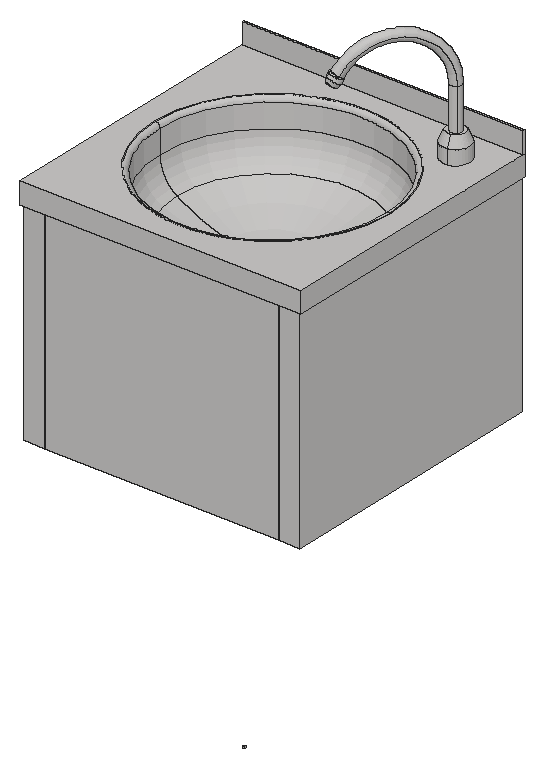
Revit family "QF_ZANUSSI_132952_NHWSW40", category Attrezzature speciali, Revit 2020
Family settings
  Quota connettore circolare = Usa diametro
  Tipo di parte = Normale
  Basato su piano di lavoro = No
  Sempre verticale = Sì
  Taglio con vuoti quando caricato = No
  Condiviso = No
  Punto di calcolo locali = No
Parameters (values of type "Standard")
  Weight = 12.00 kg
  Watts = 0 W
  Volts = 0 V
  URL Manufacturer = "http://www.zanussiprofessional.com"
  URL = "http://www.zanussiprofessional.com"
  Steam Supply Size = 0 mm
  Steam Supply Minimum Pressure = 0.0 Pa
  Steam Supply Maximum Pressure = 0.0 Pa
  Steam Consumption per Hour = 0
  Refrigeration Suction Line Size = 0.0 mm
  Refrigeration Liquid Line Size = 0.0 mm
  Refrigerant Compressor Remote = yes
  Prospetto di default = 0.0 mm
  Phase = 0
  Modello = "NHWSW40"
  Produttore = "Zanussi"
  Length Actual = 400.0 mm  # constant formula
  Item Number = "132952"
  Hot Water Size = 12.7 mm
  Height Actual = 332.0 mm  # constant formula
  HP = "0 HP"
  Gas Size = 0 mm
  Gas KW = 0
  Gas Input Pressure = 0 W
  Direct Waste Size = 139.7 mm
  Descrizione = "WALL MOUNTED HAND WASH BASIN, KNEE-OPERATED, WITH 1 BOWL, MIXER SPOUT AND DRAIN HOLE"
  Depth Actual = 400.0 mm  # constant formula
  Cycle = 0 Hz
  Condensate Return Size = 0 mm
  Compressed Air Volume = 0.0 L/s
  Compressed Air Size = 0 mm
  Compressed Air Pressure = 0.0 Pa
  Cold Water Size = 12.7 mm
  Accessory = yes
Reference planes
  plane 1 "Center (Front/Back)": y = 0
  plane 2: z = 0
  plane 3 "BACK": y = 200
  plane 4 "FRONT": y = -200
  plane 5 "TOP": z = 900
  plane 6: x = -956.5
  plane 7 "BaseTop": z = 870
  plane 8: x = -556.5
  plane 9 "Center (Left/Right)": x = -756.5
  plane 10 "Drain Z": z = 660
  plane 11: z = 930
  plane 12 "FondoLavello": z = 777.601
  plane 13: y = 145.319
  plane 14: x = -611.483
  plane 15 "DrainX": x = -833.5
  plane 16: z = 568
Forms (mm)
  Extrusion 1, solid, material "QF_Finishes_Stainless Steel"
    sketch origin (0, 0, 870) x (-1, 0, 0) y (0, -1, 0)
      loop
        line (956.5, -200) -> (956.5, 200) -> (556.5, 200) -> (556.5, -200) -> (956.5, -200)
      loop
        circle (611.483, -145.319) r 9.014
      loop
        circle (756.5, 0) r 168
    from 0 to 30
  Extrusion 2, solid, material "QF_Finishes_Stainless Steel"
    sketch origin (0, 0, 0) x (1, 0, 0) y (0, 1, 0)
      loop
        line (-923.5, 170) -> (-589.5, 170) -> (-589.5, -197) -> (-559.5, -197) -> (-559.5, 200) -> (-953.5, 200) -> (-953.5, -197) -> (-923.5, -197) -> (-923.5, 170)
    from 568 to 870
  Extrusion 3, solid, material "QF_Finishes_Stainless Steel"
    sketch origin (-756.5, 0, 0) x (0, 0, -1) y (0, -1, 0)
      loop
        line (-568, 197) -> (-870, 197) -> (-870, 172) -> (-568, 172) -> (-568, 197)
    from -167 to 167
  Revolve 4, solid, material "QF_Finishes_Stainless Steel"
    sketch origin (0, 0, 0) x (1, 0, 0) y (0, 0, 1)
      loop
        arc (-917.53, 893) -> (-919.572, 897.928) -> (-924.5, 899.97) r 6.97
        line (-924.5, 899.97) -> (-924.5, 895) -> (-922.501, 895) -> (-922.501, 859.414)
        arc (-922.501, 859.414) -> (-915.312, 831.717) -> (-895.561, 811.013) r 56.948
        arc (-895.561, 811.013) -> (-840.753, 785.213) -> (-781.505, 772.59) r 263.902
        line (-781.505, 772.59) -> (-781.505, 777.601)
        arc (-781.505, 777.601) -> (-839.395, 790.016) -> (-892.95, 815.258) r 258.912
        arc (-892.95, 815.258) -> (-910.971, 834.149) -> (-917.53, 859.421) r 51.963
        line (-917.53, 859.421) -> (-917.53, 893)
      axis (-756.5, 772.59) -> (-756.5, 899.97)
    angle from 0 to 360
  Extrusion 5, solid, material "QF_Finishes_Stainless Steel"
    sketch origin (0, 0, 777.601) x (-1, 0, 0) y (0, -1, 0)
      loop
        circle (756.5, 0) r 25.005
      loop
        circle (756.5, 0) r 5
      loop
        line (753.407, -8.499) -> (749.22, -20.001)
        arc (749.22, -20.001) -> (756.5, -21.285) -> (763.78, -20.001) r 21.285
        line (763.78, -20.001) -> (759.593, -8.499)
        arc (759.593, -8.499) -> (756.5, -9.045) -> (753.407, -8.499) r 9.045
      loop
        arc (753.407, 8.499) -> (756.5, 9.045) -> (759.593, 8.499) r 9.045
        line (759.593, 8.499) -> (763.78, 20.001)
        arc (763.78, 20.001) -> (756.5, 21.285) -> (749.22, 20.001) r 21.285
        line (749.22, 20.001) -> (753.407, 8.499)
      loop
        line (762.314, -6.929) -> (770.181, -16.305)
        arc (770.181, -16.305) -> (774.933, -10.642) -> (777.461, -3.696) r 21.285
        line (777.461, -3.696) -> (765.407, -1.571)
        arc (765.407, -1.571) -> (764.333, -4.522) -> (762.314, -6.929) r 9.045
      loop
        arc (747.593, 1.571) -> (748.667, 4.522) -> (750.686, 6.929) r 9.045
        line (750.686, 6.929) -> (742.819, 16.305)
        arc (742.819, 16.305) -> (738.067, 10.642) -> (735.539, 3.696) r 21.285
        line (735.539, 3.696) -> (747.593, 1.571)
      loop
        line (765.407, 1.571) -> (777.461, 3.696)
        arc (777.461, 3.696) -> (774.933, 10.642) -> (770.181, 16.305) r 21.285
        line (770.181, 16.305) -> (762.314, 6.929)
        arc (762.314, 6.929) -> (764.333, 4.522) -> (765.407, 1.571) r 9.045
      loop
        arc (750.686, -6.929) -> (748.667, -4.522) -> (747.593, -1.571) r 9.045
        line (747.593, -1.571) -> (735.539, -3.696)
        arc (735.539, -3.696) -> (738.067, -10.642) -> (742.819, -16.305) r 21.285
        line (742.819, -16.305) -> (750.686, -6.929)
    from -5.011 to 0
  Extrusion 6, solid, material "QF_Finishes_Stainless Steel"
    sketch origin (0, 0, 870) x (-1, 0, 0) y (0, -1, 0)
      loop
        circle (620.497, -145.319) r 5
      loop
        circle (602.468, -145.319) r 5
    from 0 to 30
  Extrusion 7, void
    sketch origin (0, 200, 0) x (-1, 0, 0) y (0, 0, 1)
      loop
        circle (833.5, 660) r 22
    from -30 to 0
  Extrusion 8, solid, material "QF_Finishes_Stainless Steel"
    sketch origin (0, 200, 0) x (-1, 0, 0) y (0, 0, 1)
      loop
        circle (833.5, 660) r 20
      loop
        circle (833.5, 660) r 18
    from -30 to 0
  Extrusion 9, solid, material "QF_Finishes_Stainless Steel"
    sketch origin (-756.5, 0, 0) x (0, 0, -1) y (0, -1, 0)
      loop
        line (-930, -200) -> (-900, -200) -> (-900, -197) -> (-930, -197) -> (-930, -200)
    from -200 to 200
  Sweep 10, solid, material "QF_Finishes_Stainless Steel"
    path origin (0, 0, 0) x (1, 0, 0) y (0, 0, 1)
      loop
        line (-756.5, 772.59) -> (-756.5, 602.59)
        arc (-756.5, 602.59) -> (-795, 564.09) -> (-833.5, 602.59) r 38.5
        line (-833.5, 602.59) -> (-833.5, 608.822)
    profile origin (-756.5, 0, 687.59) x (0, -1, 0) y (1, 0, 0)
      loop
        circle (0, 0) r 20
  Sweep 11, solid, material "QF_Finishes_Stainless Steel"
    path origin (-756.5, 0, 0) x (0, 0, -1) y (0, -1, 0)
      loop
        line (-660, -170) -> (-660, -40)
        arc (-660, -40) -> (-648.284, -11.716) -> (-620, 0) r 40
        line (-620, 0) -> (-608.822, 0)
    profile origin (-756.5, 105, 660) x (0, 0, 1) y (-1, 0, 0)
      loop
        circle (0, 77) r 20
  Extrusion 12, solid, material "QF_Finishes_Stainless Steel"
    sketch origin (0, 0, 0) x (1, 0, 0) y (0, 1, 0)
      loop
        line (-956.5, 200) -> (-956.5, 198) -> (-954.5, 198) -> (-954.5, 200) -> (-956.5, 200)
    from 0 to 2
Cuts and joins
  Extrusion 7 cuts Extrusion 2
Lines and regions (mm)
  symbolic lines, style "SpecialityEquipment"
    curve 1: line (-956.5, 200, 870) -> (-556.5, 200, 870)
    curve 2: line (-956.5, -200, 870) -> (-956.5, 200, 870)
    curve 3: line (-556.5, -200, 870) -> (-956.5, -200, 870)
    curve 4: line (-556.5, 200, 870) -> (-556.5, -200, 870)
  symbolic lines
    curve 5: arc (-626.646, 106.592, 870) -> (-880.827, -112.99, 870) -> (-638.014, 119.101, 870) r 168
    curve 6: circle (-756.5, 0, 870) r 25.005 normal (0, 0, 1)
    curve 7: circle (-756.5, 0, 870) r 5 normal (0, 0, 1)
    curve 8: arc (-753.407, 8.499, 870) -> (-756.5, 9.045, 870) -> (-759.593, 8.499, 870) r 9.045
    curve 9: line (-749.22, 20.001, 870) -> (-753.407, 8.499, 870)
    curve 10: line (-759.593, 8.499, 870) -> (-763.78, 20.001, 870)
    curve 11: arc (-763.78, 20.001, 870) -> (-756.5, 21.285, 870) -> (-749.22, 20.001, 870) r 21.285
    curve 12: line (-770.181, 16.305, 870) -> (-762.314, 6.929, 870)
    curve 13: line (-765.407, 1.571, 870) -> (-777.461, 3.696, 870)
    curve 14: line (-777.461, -3.696, 870) -> (-765.407, -1.571, 870)
    curve 15: line (-762.314, -6.929, 870) -> (-770.181, -16.305, 870)
    curve 16: line (-763.78, -20.001, 870) -> (-759.593, -8.499, 870)
    curve 17: line (-753.407, -8.499, 870) -> (-749.22, -20.001, 870)
    curve 18: line (-742.819, -16.305, 870) -> (-750.686, -6.929, 870)
    curve 19: line (-747.593, -1.571, 870) -> (-735.539, -3.696, 870)
    curve 20: line (-735.539, 3.696, 870) -> (-747.593, 1.571, 870)
    curve 21: line (-750.686, 6.929, 870) -> (-742.819, 16.305, 870)
    curve 22: arc (-742.819, 16.305, 870) -> (-738.067, 10.642, 870) -> (-735.539, 3.696, 870) r 21.285
    curve 23: arc (-747.593, 1.571, 870) -> (-748.667, 4.522, 870) -> (-750.686, 6.929, 870) r 9.045
    curve 24: arc (-750.686, -6.929, 870) -> (-748.667, -4.522, 870) -> (-747.593, -1.571, 870) r 9.045
    curve 25: arc (-735.539, -3.696, 870) -> (-738.067, -10.642, 870) -> (-742.819, -16.305, 870) r 21.285
    curve 26: arc (-749.22, -20.001, 870) -> (-756.5, -21.285, 870) -> (-763.78, -20.001, 870) r 21.285
    curve 27: arc (-759.593, -8.499, 870) -> (-756.5, -9.045, 870) -> (-753.407, -8.499, 870) r 9.045
    curve 28: arc (-765.407, -1.571, 870) -> (-764.333, -4.522, 870) -> (-762.314, -6.929, 870) r 9.045
    curve 29: arc (-770.181, -16.305, 870) -> (-774.933, -10.642, 870) -> (-777.461, -3.696, 870) r 21.285
    curve 30: arc (-762.314, 6.929, 870) -> (-764.333, 4.522, 870) -> (-765.407, 1.571, 870) r 9.045
    curve 31: arc (-777.461, 3.696, 870) -> (-774.933, 10.642, 870) -> (-770.181, 16.305, 870) r 21.285
    curve 32: line (-956.5, 197, 870) -> (-556.5, 197, 870)
Dimensions and locks
  plane 3 "BACK" to plane 4 "FRONT" = 400.0 mm
  equal spacing: plane 3 "BACK", plane 1 "Center (Front/Back)", plane 4 "FRONT"
  plane 5 "TOP" to level = 900.0 mm
  equal spacing: plane 6, plane 9 "Center (Left/Right)", plane 8
  locked: plane 6 to plane 8 at 400
  plane 10 "Drain Z" to level = 660.0 mm
  plane 11 to plane 5 "TOP" = 30.0 mm
  plane 6 to plane 15 "DrainX" = 123.0 mm
  plane 7 "BaseTop" to plane 16 = 302.0 mm
  aligned and locked: level to plane 2
  aligned and locked: plane 5 "TOP" to Extrusion 1
  aligned and locked: plane 7 "BaseTop" to Extrusion 2
Automatic sketch dimensions
  Extrusion 1 sketch curve to plane 3 "BACK" = 0.0 mm
  Extrusion 1 sketch curve to plane 8 = 0.0 mm
  Extrusion 1 sketch curve to plane 4 "FRONT" = 0.0 mm
  Extrusion 1 sketch curve to plane 6 = 0.0 mm
  plane 8 to Extrusion 1 sketch curve = 54.983 mm
  Extrusion 1 sketch curve to plane 3 "BACK" = 54.681 mm
  Extrusion 2 sketch curve to plane 3 "BACK" = 0.0 mm
  plane 6 to Extrusion 2 sketch curve = 33.0 mm
  plane 8 to Extrusion 2 sketch curve = 33.0 mm
  plane 8 to Extrusion 2 sketch curve = 3.0 mm
  Extrusion 2 sketch curve to plane 3 "BACK" = 30.0 mm
  plane 4 "FRONT" to Extrusion 2 sketch curve = 3.0 mm  (x2)
  plane 6 to Extrusion 2 sketch curve = 3.0 mm
  Extrusion 3 sketch curve to plane 7 "BaseTop" = 0.0 mm
  plane 4 "FRONT" to Extrusion 3 sketch curve = 28.0 mm
  Extrusion 3 sketch curve to plane 10 "Drain Z" = 92.0 mm
  plane 4 "FRONT" to Extrusion 3 sketch curve = 3.0 mm
  plane 1 "Center (Front/Back)" to Extrusion 1 sketch curve = 0.0 mm
  Extrusion 1 sketch curve to plane 9 "Center (Left/Right)" = 0.0 mm
  Revolve 4 sketch curve to plane 5 "TOP" = 0.03 mm
  plane 9 "Center (Left/Right)" to Revolve 4 sketch curve = 0.0 mm
  plane 9 "Center (Left/Right)" to Revolve 4 sketch curve = 0.002 mm
  Revolve 4 sketch curve to Revolve 4 sketch curve = 0.011 mm
  plane 9 "Center (Left/Right)" to Revolve 4 sketch curve = 25.005 mm
  Revolve 4 sketch curve to plane 7 "BaseTop" = 10.586 mm
  plane 6 to Revolve 4 sketch curve = 90.947 mm
  Revolve 4 sketch curve to Revolve 4 sketch curve = 0.015 mm
  Revolve 4 sketch curve to plane 7 "BaseTop" = 10.579 mm
  plane 6 to Revolve 4 sketch curve = 38.97 mm
  Revolve 4 sketch curve to Revolve 4 sketch curve = 4.971 mm
  Revolve 4 sketch curve to Revolve 4 sketch curve = 1.999 mm
  Revolve 4 sketch curve to plane 7 "BaseTop" = 92.399 mm
  Revolve 4 sketch curve to Revolve 4 sketch curve = 5.011 mm
  plane 11 to Revolve 4 sketch curve = 105.304 mm
  Revolve 4 sketch curve to Revolve 4 sketch curve = 0.001 mm
  plane 10 "Drain Z" to Revolve 4 sketch curve = 25.0 mm
  Revolve 4 sketch curve to Revolve 4 sketch curve = 15.304 mm
  Revolve 4 sketch curve to Revolve 4 sketch curve = 2.0 mm
  Extrusion 5 sketch curve to Extrusion 5 sketch curve = 0.0 mm  (x186)
  plane 1 "Center (Front/Back)" to Extrusion 5 sketch curve = 0.0 mm
  Extrusion 5 sketch curve to plane 9 "Center (Left/Right)" = 0.0 mm
  Extrusion 5 sketch curve to plane 9 "Center (Left/Right)" = 3.093 mm  (x2)
  Extrusion 5 sketch curve to Extrusion 5 sketch curve = 2.72 mm  (x4)
  Extrusion 5 sketch curve to plane 9 "Center (Left/Right)" = 7.28 mm  (x2)
  plane 1 "Center (Front/Back)" to Extrusion 5 sketch curve = 1.571 mm  (x2)
  Extrusion 5 sketch curve to Extrusion 5 sketch curve = 3.093 mm  (x2)
  Extrusion 5 sketch curve to plane 1 "Center (Front/Back)" = 1.571 mm  (x2)
  Extrusion 5 sketch curve to Extrusion 5 sketch curve = 6.402 mm  (x4)
  Extrusion 5 sketch curve to plane 1 "Center (Front/Back)" = 3.696 mm  (x2)
  Extrusion 5 sketch curve to Extrusion 5 sketch curve = 12.054 mm  (x2)
  plane 1 "Center (Front/Back)" to Extrusion 5 sketch curve = 3.696 mm  (x2)
  plane 9 "Center (Left/Right)" to Extrusion 5 sketch curve = 3.093 mm  (x2)
  plane 9 "Center (Left/Right)" to Extrusion 5 sketch curve = 7.28 mm  (x2)
  Extrusion 5 sketch curve to Extrusion 5 sketch curve = 3.696 mm  (x2)
  Extrusion 5 sketch curve to Extrusion 5 sketch curve = 1.571 mm  (x2)
  Extrusion 6 sketch curve to plane 13 = 0.0 mm  (x2)
  Extrusion 6 sketch curve to plane 14 = 9.014 mm
  plane 14 to Extrusion 6 sketch curve = 9.014 mm
  Extrusion 7 sketch curve to plane 10 "Drain Z" = 0.0 mm
  Extrusion 7 sketch curve to plane 15 "DrainX" = 0.0 mm
  Extrusion 8 sketch curve to plane 10 "Drain Z" = 0.0 mm
  Extrusion 8 sketch curve to plane 15 "DrainX" = 0.0 mm
  Extrusion 8 sketch curve to Extrusion 8 sketch curve = 0.0 mm  (x2)
  Extrusion 9 sketch curve to plane 11 = 0.0 mm
  Extrusion 9 sketch curve to plane 5 "TOP" = 0.0 mm
  Extrusion 9 sketch curve to plane 3 "BACK" = 0.0 mm
  Extrusion 9 sketch curve to Extrusion 9 sketch curve = 3.0 mm
  curve 5 to curve 6 = 0.0 mm  (x2)
  curve 5 to curve 7 = 0.0 mm  (x2)
  curve 5 to curve 8 = 0.0 mm
  curve 6 to curve 11 = 0.0 mm
  curve 8 to curve 11 = 0.0 mm  (x2)
  curve 8 to curve 22 = 0.0 mm  (x2)
  curve 8 to curve 23 = 0.0 mm  (x2)
  curve 23 to curve 31 = 0.0 mm  (x2)
  curve 24 to curve 31 = 0.0 mm  (x2)
  curve 25 to curve 31 = 0.0 mm  (x2)
  curve 26 to curve 31 = 0.0 mm  (x2)
  curve 27 to curve 31 = 0.0 mm  (x2)
  curve 28 to curve 31 = 0.0 mm  (x2)
  curve 29 to curve 31 = 0.0 mm  (x2)
  curve 30 to curve 31 = 0.0 mm  (x2)
  curve 1 to plane 3 "BACK" = 0.0 mm
  curve 1 to plane 8 = 0.0 mm
  plane 1 "Center (Front/Back)" to curve 29 = 0.0 mm
  curve 29 to plane 9 "Center (Left/Right)" = 0.0 mm
  curve 32 to plane 6 = 0.0 mm
  curve 20 to plane 1 "Center (Front/Back)" = 3.696 mm
  curve 20 to plane 9 "Center (Left/Right)" = 20.961 mm
  plane 1 "Center (Front/Back)" to curve 19 = 3.696 mm
  curve 19 to curve 22 = 0.0 mm
  curve 18 to plane 9 "Center (Left/Right)" = 13.681 mm
  curve 21 to plane 9 "Center (Left/Right)" = 13.681 mm
  plane 1 "Center (Front/Back)" to curve 19 = 1.571 mm
  curve 19 to plane 9 "Center (Left/Right)" = 8.907 mm
  curve 20 to plane 1 "Center (Front/Back)" = 1.571 mm
  curve 20 to curve 24 = 0.0 mm
  curve 9 to plane 9 "Center (Left/Right)" = 7.28 mm
  curve 17 to plane 9 "Center (Left/Right)" = 7.28 mm
  curve 18 to plane 9 "Center (Left/Right)" = 5.814 mm
  curve 21 to plane 9 "Center (Left/Right)" = 5.814 mm
  curve 17 to plane 9 "Center (Left/Right)" = 3.093 mm
  curve 9 to plane 9 "Center (Left/Right)" = 3.093 mm
  plane 9 "Center (Left/Right)" to curve 10 = 3.093 mm
  plane 9 "Center (Left/Right)" to curve 16 = 3.093 mm
  curve 27 to curve 15 = 2.72 mm
  curve 8 to curve 12 = 2.72 mm
  plane 9 "Center (Left/Right)" to curve 16 = 7.28 mm
  plane 9 "Center (Left/Right)" to curve 10 = 7.28 mm
  curve 13 to plane 1 "Center (Front/Back)" = 1.571 mm
  curve 30 to curve 13 = 3.093 mm
  plane 1 "Center (Front/Back)" to curve 14 = 1.571 mm
  curve 14 to curve 13 = 0.0 mm
  curve 11 to curve 12 = 6.402 mm
  curve 26 to curve 15 = 6.402 mm
  plane 1 "Center (Front/Back)" to curve 14 = 3.696 mm
  curve 28 to curve 14 = 12.054 mm
  curve 13 to plane 1 "Center (Front/Back)" = 3.696 mm
  curve 13 to curve 14 = 0.0 mm
  curve 9 to curve 22 = 3.696 mm
  curve 10 to curve 12 = 1.571 mm
  curve 15 to curve 16 = 1.571 mm
  curve 15 to curve 16 = 3.696 mm
  plane 14 to curve 5 = 15.163 mm
  curve 5 to curve 5 = 11.368 mm
  curve 32 to plane 3 "BACK" = 3.0 mm
  curve 5 to plane 13 = 26.218 mm
  Sweep 10 sketch curve to plane 15 "DrainX" = 0.0 mm
  plane 9 "Center (Left/Right)" to Sweep 10 sketch curve = 0.0 mm
  plane 16 to Sweep 10 sketch curve = 34.59 mm
  Sweep 10 sketch curve to plane 12 "FondoLavello" = 5.011 mm
  Sweep 10 sketch curve to Sweep 10 sketch curve = 6.231 mm
  plane 1 "Center (Front/Back)" to Sweep 10 sketch curve = 0.0 mm
  Sweep 10 sketch curve to profile plane = 0.0 mm
  plane 10 "Drain Z" to Sweep 11 sketch curve = 0.0 mm
  Sweep 11 sketch curve to plane 1 "Center (Front/Back)" = 0.0 mm
  Sweep 11 sketch curve to Sweep 11 sketch curve = 40.0 mm
  Sweep 11 sketch curve to Sweep 11 sketch curve = 11.178 mm
  plane 13 to Sweep 11 sketch curve = 24.681 mm
  Sweep 11 sketch curve to profile plane = 0.0 mm
  plane 9 "Center (Left/Right)" to Sweep 11 sketch curve = 77.0 mm
  Extrusion 12 sketch curve to plane 6 = 0.0 mm
  Extrusion 12 sketch curve to plane 3 "BACK" = 0.0 mm
  plane 6 to Extrusion 12 sketch curve = 2.0 mm
  Extrusion 12 sketch curve to Extrusion 12 sketch curve = 2.0 mm
  curve 3 to plane 4 "FRONT" = 0.0 mm
  radius of Extrusion 1 sketch curve = 9.014 mm
  radius of Extrusion 1 sketch curve = 168.0 mm
  radius of Extrusion 5 sketch curve = 25.005 mm
  radius of Extrusion 5 sketch curve = 5.0 mm
  radius of Extrusion 6 sketch curve = 5.0 mm  (x2)
  radius of Extrusion 7 sketch curve = 22.0 mm
  radius of Extrusion 8 sketch curve = 20.0 mm
  radius of Extrusion 8 sketch curve = 18.0 mm
  radius of curve 6 = 25.005 mm
  radius of curve 7 = 5.0 mm
  radius of Sweep 10 sketch curve = 20.0 mm
  radius of Sweep 11 sketch curve = 20.0 mm
Nested families
  nested 1: "SINK_Misc" at (-611.483, 146.494, 900) x (0.848, -0.5299, 0) z (0, 0, 1), type "SINK_Misc"
Connectors
  piping at (-620.497, 145.319, 870), diameter 12.7, driven by "Hot Water Size"
    settings: on Extrusion 6, index 1, connector inside diameter 609.6 mm, connector length 0.0 mm, flow factor 0, pipe flow 0.0 L/s, pressure drop 0.0 Pa, fitting loss kfactor 0, connector angle 0.00°, fixture units 0, engagement length 0.0 mm, angle of deflection 0.00°, flow configuration 1, flow direction 1, fitting loss method 0, system type 20, joint type 0, gender type 0, connector reference index -1, connector utility 0, adjustable connector no, is connector primary yes, connector description "Hot Water Inlet"
  piping at (-602.468, 145.319, 870), diameter 12.7, driven by "Cold Water Size"
    settings: on Extrusion 6, index 2, connector inside diameter 609.6 mm, connector length 0.0 mm, flow factor 0, pipe flow 0.0 L/s, pressure drop 0.0 Pa, fitting loss kfactor 0, connector angle 0.00°, fixture units 0, engagement length 0.0 mm, angle of deflection 0.00°, flow configuration 1, flow direction 1, fitting loss method 0, system type 20, joint type 0, gender type 0, connector reference index -1, connector utility 0, adjustable connector no, is connector primary no, connector description "Cold Water Inlet"
  piping at (-833.5, 200, 660), diameter 139.7, driven by "Direct Waste Size"
    settings: on Extrusion 8, index 3, connector inside diameter 609.6 mm, connector length 0.0 mm, flow factor 0, pipe flow 0.0 L/s, pressure drop 0.0 Pa, fitting loss kfactor 0, connector angle 0.00°, fixture units 0, engagement length 0.0 mm, angle of deflection 0.00°, flow configuration 1, flow direction 2, fitting loss method 0, system type 16, joint type 0, gender type 0, connector reference index -1, connector utility 0, adjustable connector no, is connector primary no, connector description "Drain"
Definition of nested family "SINK_Misc"
  Parameters
    Default Elevation = 0.0 mm
  Reference planes
    plane 1 "Center (Front/Back)": y = 0
    plane 2: z = 0
    plane 3 "Center (Left/Right)": x = 0
    plane 4: z = 132.417
    plane 5: y = -140
  Forms (mm)
    Revolve 1, solid
      sketch origin (0, 0, 0) x (0.707107, -0.707107, 0) y (0, 0, 1)
        loop
          line (0, 0) -> (0, 35) -> (-13.322, 35) -> (-20, 20) -> (-20, 0) -> (0, 0)
        axis (0, 35) -> (0, 0)
      angle from 0 to 360
    Sweep 2, solid
      path origin (0, 0, 70) x (0, 1, 0) y (0, 0, 1)
        loop
          line (0, -35) -> (0, 25)
          arc (0, 25) -> (-55.635, 97.457) -> (-140, 62.417) r 75
      profile origin (0, 0, 65) x (0, -1, 0) y (1, 0, 0)
        loop
          circle (0, 0) r 8
    Revolve 3, solid
      sketch origin (0, 29.771, -274.217) x (0, 0.866667, -0.498887) y (0, 0.498887, 0.866667)
        loop
          line (-340.351, 259.648) -> (-340.351, 265.557)
          arc (-340.351, 265.557) -> (-340.776, 266.459) -> (-341.572, 267.059) r 2.074
          line (-341.572, 267.059) -> (-341.999, 267.719) -> (-349.999, 267.719) -> (-349.999, 253.002) -> (-343.599, 253.002)
          arc (-343.599, 253.002) -> (-342.92, 253.216) -> (-342.486, 253.782) r 1.185
          line (-342.486, 253.782) -> (-340.351, 259.648)
        axis (-349.999, 267.719) -> (-349.999, 253.002)
      angle from 0 to 360
  Lines and regions (mm)
    symbolic lines
      curve 1: arc (-8, -18.33, 0) -> (0, 20, 0) -> (8, -18.33, 0) r 20
      curve 2: arc (8, -10.652, 0) -> (0, 13.322, 0) -> (-8, -10.652, 0) r 13.322
      curve 3: spline (8, -140, 0) -> (7.727, -141.794, 0) -> (6.928, -143.467, 0) -> (5.657, -144.903, 0) -> (4, -146.004, 0) -> (2.071, -146.697, 0) -> (0, -146.933, 0) -> (-2.071, -146.697, 0) -> (-4, -146.004, 0) -> (-5.657, -144.903, 0) -> (-6.928, -143.467, 0) -> (-7.727, -141.794, 0) -> (-8, -140, 0)
      curve 4: spline (-8, -136.404, 0) -> (-9.389, -139.151, 0) -> (-9.57, -142.147, 0) -> (-8.519, -145.005, 0) -> (-6.372, -147.358, 0) -> (-3.405, -148.903, 0) -> (0, -149.441, 0) -> (3.405, -148.903, 0) -> (6.372, -147.358, 0) -> (8.519, -145.005, 0) -> (9.57, -142.147, 0) -> (9.389, -139.151, 0) -> (8, -136.404, 0)
      curve 5: spline (9.649, -144.027, 0) -> (9.32, -146.191, 0) -> (8.356, -148.208, 0) -> (6.823, -149.939, 0) -> (4.824, -151.268, 0) -> (2.497, -152.104, 0) -> (0, -152.389, 0) -> (-2.497, -152.104, 0) -> (-4.824, -151.268, 0) -> (-6.823, -149.939, 0) -> (-8.356, -148.208, 0) -> (-9.32, -146.191, 0) -> (-9.649, -144.027, 0)
      curve 6: line (8, 0, 0) -> (8, -140, 0)
      curve 7: line (-8, 0, 0) -> (-8, -140, 0)
      curve 8: line (9.649, -141.079, 0) -> (9.649, -144.027, 0)
      curve 9: line (-9.649, -141.079, 0) -> (-9.649, -144.027, 0)
      curve 10: arc (-8, 0, 0) -> (0, 8, 0) -> (8, 0, 0) r 8
  Dimensions and locks
    plane 1 "Center (Front/Back)" to plane 5 = 140.0 mm
    aligned and locked: level to plane 2
